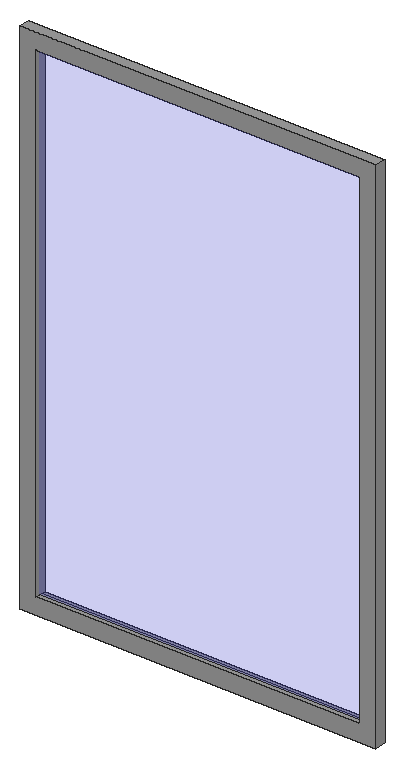
Revit family
Parameters
  유리 창 재료 = 유리
  간격띄우기 = 75 mm
  섀시 재료 = 금속 - 알루미늄
  섀시 폭 = 75 mm
  두께 = 50 mm
Reference planes
  plane 1: y = 0
  plane 2: z = 0
  plane 3: x = 0
  plane 4: x = -831.877
  plane 5: x = 831.877
  plane 6: z = 2438.4
  plane 7: y = 75
  plane 8: y = 25
  plane 9: z = 2363.4
  plane 10: z = 75
  plane 11: x = 756.877
  plane 12: x = -756.877
  plane 13 "마무리": y = 44.05
Forms (mm)
  Extrusion 1, solid, material "금속 - 알루미늄" <- "섀시 재료"
    sketch origin (0, 0, 0) x (0, 0, -1) y (1, 0, 0)
      loop
        line (-2438.4, 831.877) -> (-2438.4, -831.877) -> (0, -831.877) -> (0, 831.877) -> (-2438.4, 831.877)
      loop
        line (-2363.4, 756.877) -> (-2363.4, -756.877) -> (-75, -756.877) -> (-75, 756.877) -> (-2363.4, 756.877)
    from -75 to -25
  Extrusion 2, solid, material "유리" <- "유리 창 재료"
    sketch origin (0, 25, 0) x (0, 0, -1) y (1, 0, 0)
      loop
        line (-2363.4, -756.877) -> (-75, -756.877) -> (-75, 756.877) -> (-2363.4, 756.877) -> (-2363.4, -756.877)
    from -31.75 to -19.05
Lines and regions (mm)
  symbolic lines, style "WindowsFrameMullionProjection"
    curve 1: line (756.877, 75, 0) -> (-756.877, 75, 0)
    curve 2: line (831.877, 25, 0) -> (831.877, 75, 0)
    curve 3: line (-756.877, 25, 0) -> (756.877, 25, 0)
    curve 4: line (-831.877, 75, 0) -> (-831.877, 25, 0)
    curve 9: line (-831.877, 75, 0) -> (-756.877, 75, 0)
    curve 10: line (-831.877, 25, 0) -> (-831.877, 75, 0)
    curve 11: line (-756.877, 25, 0) -> (-831.877, 25, 0)
    curve 12: line (-756.877, 75, 0) -> (-756.877, 25, 0)
    curve 13: line (831.877, 75, 0) -> (756.877, 75, 0)
    curve 14: line (831.877, 25, 0) -> (831.877, 75, 0)
    curve 15: line (756.877, 25, 0) -> (831.877, 25, 0)
    curve 16: line (756.877, 75, 0) -> (756.877, 25, 0)
  symbolic lines, style "입면도 스윙"
    curve 5: line (756.877, 0, 75) -> (7.617, 0, 2363.4)
    curve 6: line (-756.877, 0, 75) -> (7.617, 0, 2363.4)
    curve 7: line (756.877, 75, 75) -> (7.617, 75, 2363.4)
    curve 8: line (-756.877, 75, 75) -> (7.617, 75, 2363.4)
  symbolic lines, style "WindowsGlassProjection"
    curve 17: line (-756.877, 49.6, 0) -> (756.877, 49.6, 0)
Text (mm)
  text "외부" at (-205.379, 797.241, 0), in view "기준선"
Dimensions and locks
  equal spacing: plane 4, plane 3, plane 5
  "간격띄우기": plane 1 to plane 7
  "두께": plane 8 to plane 7
  "섀시 폭": plane 11 to plane 5
  "섀시 폭": plane 4 to plane 12
  "섀시 폭": plane 9 to plane 6
  "섀시 폭": plane 2 to plane 10
  Extrusion 2 to Extrusion 2 to plane 7 = 12.7 mm, 18.25 mm
  locked: plane 13 "마무리" to plane 7 at 30.95
  aligned and locked: Extrusion 1 to plane 7
  aligned and locked: plane 8 to Extrusion 1
Automatic sketch dimensions
  Extrusion 1 sketch curve to plane 4 = 0 mm
  Extrusion 1 sketch curve to plane 6 = 0 mm
  Extrusion 1 sketch curve to plane 9 = 0 mm
  Extrusion 1 sketch curve to plane 10 = 0 mm
  Extrusion 1 sketch curve to level = 0 mm
  Extrusion 1 sketch curve to plane 12 = 0 mm
  Extrusion 1 sketch curve to plane 11 = 0 mm
  Extrusion 1 sketch curve to plane 5 = 0 mm
  Extrusion 2 sketch curve to plane 9 = 0 mm
  Extrusion 2 sketch curve to plane 10 = 0 mm
  Extrusion 2 sketch curve to plane 12 = 0 mm
  Extrusion 2 sketch curve to plane 11 = 0 mm
  curve 5 to plane 9 = 0 mm
  curve 7 to plane 9 = 0 mm
  curve 7 to plane 10 = 0 mm
  curve 8 to plane 10 = 0 mm
  curve 6 to plane 10 = 0 mm
  curve 5 to plane 10 = 0 mm
  curve 6 to plane 12 = 0 mm
  curve 8 to plane 12 = 0 mm
  curve 7 to plane 11 = 0 mm
  curve 5 to plane 11 = 0 mm
  plane 3 to curve 6 = 7.617 mm
  curve 7 to curve 6 = 0 mm
  curve 11 to plane 4 = 0 mm
  curve 12 to plane 7 = 0 mm
  curve 12 to plane 12 = 0 mm
  curve 3 to plane 8 = 0 mm
  curve 1 to plane 11 = 0 mm
  curve 13 to plane 5 = 0 mm
  plane 13 "마무리" to curve 17 = 5.55 mm
